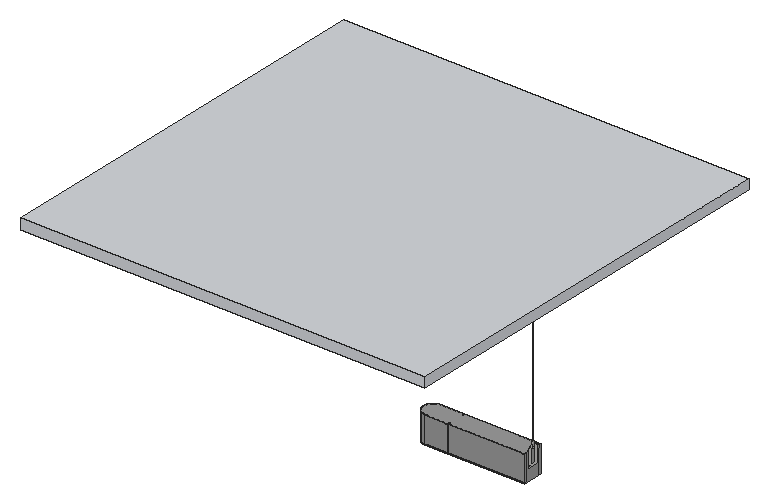
Revit family "LA2C-End Round", category Lighting Fixtures, host Face, Revit 2014
Parameters (values of type "End Round")
  Width = 0' - 6"
  Left = no
  Height From Face = 4' - 0"
  Weight = "8 lbs"
  Wattage Comments = ""
  Wattage = 19 W
  built-in parameter 1150110 = 1 (stored number, unit not read)
  Type Comments = "Stainless steel canopy mounts to\r\nstandard junction box (provided by others)"
  built-in parameter 1114217 = 1 (stored number, unit not read)
  built-in parameter 1150109 = 1 (stored number, unit not read)
  built-in parameter 1150134 = (empty or 0)
  built-in parameter 1150113 = 1 (stored number, unit not read)
  STANDARDS = "6-8 week lead time, Damp rated, UL Compliant / CSA Approved"
  Shade = 3form Varia Ecoresin
  Model = "LA2C"
  Manufacturer = "LightArt"
  built-in parameter 1150105 = 406.42 (stored number, unit not read)
  Lumens = 1276.8 lm
  built-in parameter 1150115 = 1 (stored number, unit not read)
  Light Source Symbol Size = 0' - 6"
  built-in parameter 1150137 = (empty or 0)
  built-in parameter 1150139 = (empty or 0)
  built-in parameter 1150112 = 1 (stored number, unit not read)
  built-in parameter 1150114 = 1 (stored number, unit not read)
  LIGHTING = "Solid State LED System\r\n120v-277v input; 24v driver;\r\n0-10v dimming compatible\r\n3000k 81 CRI light source\r\nS - 14w, 1050mA, 1045 lumens"
  Keynote = ""
  Input = "120v-277v"
  built-in parameter 1150132 = (empty or 0)
  built-in parameter 1150102 = (empty or 0)
  built-in parameter 1150107 = 3000 (stored number, unit not read)
  built-in parameter 1150138 = (empty or 0)
  built-in parameter 1150106 = 4.0642 (stored number, unit not read)
  Height = 0' - 8"
  Hardware = Stainless Steel Cables
  HARDWARE = "Removable powder coated lid\r\n\r\n\r\n3/64” stainless steel cables to canopy \r\n\r\nAdjustable 24”-96” suspension"
  built-in parameter 1150104 = 6.2431 (stored number, unit not read)
  Driver = "24v"
  Dimming Lamp Color Temperature Shift = <None>
  Dimming Compatibility = "0-10v"
  Description = "LED System"
  Diffuser = White Opal Acrylic
  Default Elevation [instance] = 4' - 0"
  Comments = "This model is for use in spatial massing and rendering. Please contact LightArt for pick-point placement and installation details."
  Color Filter = 16777215
  built-in parameter 1114218 = 1 (stored number, unit not read)
  built-in parameter 1150133 = 10 (stored number, unit not read)
Reference planes (in)
  plane 1 "Light Source Axis (F/B)": y = 0
  plane 2 "Ceiling": z = 0
  plane 3 "Light Source Axis (L/R)": x = 27.77748
  plane 4 "Light Source Elevation": z = -52
  plane 5: z = -56
  plane 6: z = -48
  plane 7: z = 0
  plane 8: y = 3
  plane 9: y = -3
  plane 10: x = 44.02748
  plane 11: x = 11.52748
  plane 12: x = 27.77748
Forms (in)
  Extrusion 1, solid
    sketch origin (0, 0, 0) x (1, 0, 0) y (0, 1, 0)
      loop
        line (-60, -60) -> (60, -60) -> (60, 60) -> (-60, 60) -> (-60, -60)
    from 0 to 3.07528
  Extrusion 2, solid, material "3form Varia Ecoresin" <- "Shade", detail levels coarse
    sketch origin (0, -15, -96) x (1, 0, 0) y (0, 1, 0)
      loop
        line (44.02748, 12) -> (44.02748, 18) -> (14.52748, 18)
        arc (14.52748, 18) -> (11.52748, 15) -> (14.52748, 12) r 3
        line (14.52748, 12) -> (44.02748, 12)
    from 40 to 48
  Extrusion 3, solid, material "3form Varia Ecoresin" <- "Shade", detail levels medium+fine
    sketch origin (0, -15, -96) x (1, 0, 0) y (0, 1, 0)
      loop
        line (14.52748, 12) -> (21.25311, 12) -> (21.25311, 12.47563)
        arc (21.25311, 12.47563) -> (21.27748, 12.5) -> (21.30186, 12.47563) r 0.02437
        line (21.30186, 12.47563) -> (21.30186, 12) -> (44.02748, 12) -> (44.02748, 12.5625) -> (43.96498, 12.5625) -> (43.96498, 12.06253) -> (21.36436, 12.06253) -> (21.36436, 12.47599)
        arc (21.36436, 12.47599) -> (21.27748, 12.56287) -> (21.19061, 12.47599) r 0.08687
        line (21.19061, 12.47599) -> (21.19061, 12.06253) -> (14.51516, 12.06253)
        arc (14.51516, 12.06253) -> (11.59, 15.00615) -> (14.52748, 17.93748) r 2.93749
        line (14.52748, 17.93748) -> (21.19061, 17.93748) -> (21.19061, 17.52401)
        arc (21.19061, 17.52401) -> (21.27748, 17.43713) -> (21.36436, 17.52401) r 0.08687
        line (21.36436, 17.52401) -> (21.36436, 17.93747) -> (43.96498, 17.93747) -> (43.96498, 17.43746) -> (44.02748, 17.43746) -> (44.02748, 18) -> (21.30186, 18) -> (21.30186, 17.52437)
        arc (21.30186, 17.52437) -> (21.27748, 17.5) -> (21.25311, 17.52437) r 0.02437
        line (21.25311, 17.52437) -> (21.25311, 18) -> (14.52748, 18)
        arc (14.52748, 18) -> (11.52748, 15) -> (14.52748, 12) r 3
    from 40.125 to 47.875
  Extrusion 4, solid, material "White Opal Acrylic" <- "Diffuser", detail levels medium+fine
    sketch origin (0, 0, -96) x (1, 0, 0) y (0, 1, 0)
      loop
        line (43.96498, 2.43746) -> (43.96498, -2.4375) -> (44.02748, -2.4375) -> (44.02748, 2.43746) -> (43.96498, 2.43746)
    from 40.125 to 47.875
  Extrusion 5, solid, material "White Opal Acrylic" <- "Diffuser", detail levels medium+fine
    sketch origin (-0.25, -15.00003, -100.125) x (1, 0, 0) y (0, 1, 0)
      loop
        line (14.77748, 12.00003) -> (21.50311, 12.00003) -> (21.50311, 12.47566)
        arc (21.50311, 12.47566) -> (21.52748, 12.50003) -> (21.55186, 12.47566) r 0.02437
        line (21.55186, 12.47566) -> (21.55186, 12.00003) -> (44.27748, 12.00003) -> (44.27748, 18.00003) -> (21.55186, 18.00003) -> (21.55186, 17.5244)
        arc (21.55186, 17.5244) -> (21.52748, 17.50002) -> (21.50311, 17.5244) r 0.02437
        line (21.50311, 17.5244) -> (21.50311, 18.00003) -> (14.77748, 18.00003)
        arc (14.77748, 18.00003) -> (11.77748, 15.00003) -> (14.77748, 12.00003) r 3
    from 52 to 52.125
  Extrusion 6, solid, material "White Opal Acrylic" <- "Diffuser", detail levels medium+fine
    sketch origin (-0.25, -15.00003, -108) x (1, 0, 0) y (0, 1, 0)
      loop
        line (14.77748, 12.00003) -> (21.50311, 12.00003) -> (21.50311, 12.47566)
        arc (21.50311, 12.47566) -> (21.52748, 12.50003) -> (21.55186, 12.47566) r 0.02437
        line (21.55186, 12.47566) -> (21.55186, 12.00003) -> (44.27748, 12.00003) -> (44.27748, 18.00003) -> (21.55186, 18.00003) -> (21.55186, 17.5244)
        arc (21.55186, 17.5244) -> (21.52748, 17.50002) -> (21.50311, 17.5244) r 0.02437
        line (21.50311, 17.5244) -> (21.50311, 18.00003) -> (14.77748, 18.00003)
        arc (14.77748, 18.00003) -> (11.77748, 15.00003) -> (14.77748, 12.00003) r 3
    from 52 to 52.125
Cuts and joins
  joined: Extrusion 4, Extrusion 5, Extrusion 6
Lines and regions (in)
  symbolic lines
    curve 1: line (14.52748, 3, -96) -> (44.02748, 3, -96)
    curve 2: line (44.02748, -3, -96) -> (14.52748, -3, -96)
    curve 3: line (44.02748, 3, -96) -> (44.02748, -3, -96)
    curve 4: arc (14.52748, 3, -96) -> (11.52748, 0, -96) -> (14.52748, -3, -96) r 3
  symbolic lines, not visible
    curve 5: line (23.52748, 3, -96) -> (32.02748, 3, -96)
Dimensions and locks (in)
  "Height": plane 6 to plane 5
  equal spacing: plane 6, plane 4 "Light Source Elevation", plane 5
  "Height From Face": plane 2 "Ceiling" to plane 6
  equal spacing: plane 9, plane 1 "Light Source Axis (F/B)", plane 8
  "Width": plane 9 to plane 8
  plane 11 to plane 10 = 2' - 8 1/2"
  plane 6 to imposter light = 0' - 4"
  locked: cut or joined group of Extrusion 4, Extrusion 5, Extrusion 6 to plane 6 at 0.125
  locked: plane 5 to cut or joined group of Extrusion 4, Extrusion 5, Extrusion 6 at 0.125
  aligned and locked: imposter light to plane 4 "Light Source Elevation"
  aligned and locked: Extrusion 2 sketch curve to plane 8
  aligned and locked: Extrusion 2 sketch curve to plane 10
  aligned and locked: Extrusion 2 sketch curve to plane 9
  aligned and locked: plane 10 to Extrusion 3 sketch curve  (x2)
  aligned and locked: Extrusion 3 sketch curve to plane 8
  aligned and locked: Extrusion 3 sketch curve to plane 9
  aligned and locked: plane 6 to Extrusion 2
  aligned and locked: Extrusion 2 to plane 5
  aligned and locked: nested 1 to plane 6
  aligned and locked: plane 6 to Extrusion 5
  aligned and locked: Extrusion 6 to plane 5
  aligned and locked: plane 12 to imposter light
  aligned and locked: plane 2 "Ceiling" to Extrusion 1
  aligned and locked: Extrusion 3 to Extrusion 5
  aligned and locked: Extrusion 3 to Extrusion 6
  aligned and locked: Extrusion 3 to Extrusion 4  (x2)
Automatic sketch dimensions
  Extrusion 1 sketch curve to Extrusion 1 sketch curve = 10' - 0"  (x2)
  Extrusion 4 sketch curve to plane 10 = 0' - 0"
  Extrusion 4 sketch curve to Extrusion 4 sketch curve = 0' - 0 1/16"
  plane 9 to Extrusion 4 sketch curve = 0' - 0 9/16"
  plane 8 to Extrusion 4 sketch curve = 0' - 0.56254"
  Extrusion 6 sketch curve to plane 9 = 0' - 0"  (x2)
  plane 8 to Extrusion 6 sketch curve = 0' - 0"  (x2)
  Extrusion 6 sketch curve to plane 10 = 0' - 0"
  Extrusion 6 sketch curve to plane 12 = 0' - 6.47563"
  plane 8 to curve 1 = 0' - 0"
  curve 3 to plane 10 = 0' - 0"
  Extrusion 5 sketch curve to plane 9 = 0' - 0"  (x2)
  plane 8 to Extrusion 5 sketch curve = 0' - 0"  (x2)
  Extrusion 5 sketch curve to plane 10 = 0' - 0"
  Extrusion 5 sketch curve to plane 3 "Light Source Axis (L/R)" = 0' - 6.47563"
  Extrusion 5 sketch curve to Extrusion 5 sketch curve = 0' - 0.02437"  (x2)
  Extrusion 5 sketch curve to Extrusion 5 sketch curve = 0' - 0.47563"
  plane 8 to Extrusion 5 sketch curve = 0' - 0.47563"
  Extrusion 6 sketch curve to Extrusion 6 sketch curve = 0' - 0.02437"  (x2)
  Extrusion 6 sketch curve to plane 3 "Light Source Axis (L/R)" = 0' - 6.52437"
  Extrusion 6 sketch curve to Extrusion 6 sketch curve = 0' - 0.47563"  (x2)
  plane 8 to curve 5 = 0' - 0"
  curve 5 to plane 3 "Light Source Axis (L/R)" = 0' - 4 1/4"
  plane 3 "Light Source Axis (L/R)" to curve 5 = 0' - 4 1/4"
  plane 11 to curve 4 = 0' - 3"
  plane 11 to Extrusion 2 sketch curve = 0' - 3"
  plane 11 to Extrusion 5 sketch curve = 0' - 3"
  plane 11 to Extrusion 6 sketch curve = 0' - 3"
  plane 8 to Extrusion 3 sketch curve = 0' - 0"
  Extrusion 3 sketch curve to plane 9 = 0' - 0"
  plane 9 to Extrusion 3 sketch curve = 0' - 0.06253"  (x2)
  plane 11 to Extrusion 3 sketch curve = 0' - 2.98768"
  plane 1 "Light Source Axis (F/B)" to Extrusion 3 sketch curve = 0' - 0"
  Extrusion 3 sketch curve to Extrusion 3 sketch curve = 0' - 0.01232"  (x2)
  Extrusion 3 sketch curve to plane 3 "Light Source Axis (L/R)" = 0' - 6.58687"  (x2)
  Extrusion 3 sketch curve to Extrusion 3 sketch curve = 0' - 0 1/16"  (x3)
  Extrusion 3 sketch curve to Extrusion 3 sketch curve = 0' - 0.02437"  (x2)
  Extrusion 3 sketch curve to Extrusion 3 sketch curve = 0' - 0"  (x2)
  plane 10 to Extrusion 3 sketch curve = 0' - 0 1/16"
  Extrusion 3 sketch curve to Extrusion 3 sketch curve = 0' - 0.4131"
  Extrusion 3 sketch curve to Extrusion 3 sketch curve = 0' - 0.00036"  (x2)
  Extrusion 3 sketch curve to Extrusion 3 sketch curve = 0' - 0.49997"
  Extrusion 3 sketch curve to Extrusion 3 sketch curve = 0' - 0.56254"
  Extrusion 3 sketch curve to Extrusion 3 sketch curve = 0' - 0.41348"
  plane 8 to Extrusion 3 sketch curve = 0' - 0.06253"
  Extrusion 5 sketch curve to plane 3 "Light Source Axis (L/R)" = 0' - 6.52437"
  curve 2 to plane 9 = 0' - 0"
Nested families (in)
  nested 1: "Steel Cable" at (44.02748, -0.00825, -52.43947) x (0, 1, 0) z (0, 0, 1), type "Steel Cable"
Definition of nested family "Steel Cable"
  Parameters (values of type "Steel Cable")
    Material = Stainless Steel Cables
    Height = 4' - 0"
  Reference planes (in)
    plane 1 "Center (Front/Back)": y = 0
    plane 2: z = 0
    plane 3 "Center (Left/Right)": x = 0
    plane 4: z = 52.43947
    plane 5: z = 4.43947
  Forms (in)
    Extrusion 1, solid, material "Stainless Steel Cables" <- "Material"
      sketch origin (0, 0.06249, 0) x (1, 0, 0) y (0, 0, 1)
        loop
          line (1.57721, 0.38519) -> (1.57724, 4.43947)
          arc (1.57724, 4.43947) -> (0.00944, 5.56119) -> (-1.55836, 4.43947) r 1.6565
          line (-1.55836, 4.43947) -> (-1.55836, 0.38522)
          arc (-1.55836, 0.38522) -> (-1.44553, 0.11283) -> (-1.17314, 0) r 0.38522
          line (-1.17314, 0) -> (1.22175, 0)
          arc (1.22175, 0) -> (1.48393, 0.11467) -> (1.57721, 0.38519) r 0.3563
        loop
          line (0.77208, 1.06174) -> (0.77208, 4.56174)
          arc (0.77208, 4.56174) -> (0.01304, 5.07935) -> (-0.74601, 4.56174) r 0.81536
          line (-0.74601, 4.56174) -> (-0.74601, 1.06174)
          arc (-0.74601, 1.06174) -> (-0.6556, 0.74869) -> (-0.3594, 0.61289) r 0.39093
          line (-0.3594, 0.61289) -> (0.38558, 0.61289)
          arc (0.38558, 0.61289) -> (0.68174, 0.7487) -> (0.77208, 1.06174) r 0.39083
        loop
          circle (1.14945, 2.9859) r 0.08234
        loop
          circle (-1.13782, 2.9859) r 0.08234
        loop
          circle (1.14945, 0.37768) r 0.08234
        loop
          circle (-1.13782, 0.37768) r 0.08234
      from 0 to 0.125
    Revolve 2, solid, material "Stainless Steel Cables" <- "Material"
      sketch origin (0, 0.00119, 0) x (1, 0, 0) y (0, 0, 1)
        loop
          line (0, 6.85243) -> (0, 5.09501) -> (0.15937, 5.09501) -> (0.15937, 6.61585) -> (0.08845, 6.61585) -> (0.08845, 6.85243) -> (0, 6.85243)
        axis (0, 6.85243) -> (0, 5.09501)
      angle from 0 to 360
    Extrusion 3, solid, material "Stainless Steel Cables" <- "Material"
      sketch origin (0, 0.06249, 0) x (1, 0, 0) y (0, 1, 0)
        loop
          circle (0, -0.06153) r 0.04688
      from 6.85243 to 52.43947
  Dimensions and locks (in)
    "Height": plane 4 to plane 5
    locked: level to plane 5 at 4.43947
    aligned and locked: plane 2 to level
    aligned and locked: Extrusion 3 to Revolve 2
    aligned and locked: Extrusion 3 to plane 4
  Automatic sketch dimensions
    Extrusion 1 sketch curve to level = 0' - 0"
    Extrusion 1 sketch curve to plane 3 "Center (Left/Right)" = 0' - 1.55836"
    Extrusion 1 sketch curve to Extrusion 1 sketch curve = 0' - 0.38522"
    Extrusion 1 sketch curve to plane 3 "Center (Left/Right)" = 0' - 1.13782"
    Extrusion 1 sketch curve to Extrusion 1 sketch curve = 0' - 0.03532"
    Extrusion 1 sketch curve to plane 3 "Center (Left/Right)" = 0' - 0.74601"
    Extrusion 1 sketch curve to plane 3 "Center (Left/Right)" = 0' - 0.3594"
    plane 3 "Center (Left/Right)" to Extrusion 1 sketch curve = 0' - 0.00944"
    plane 3 "Center (Left/Right)" to Extrusion 1 sketch curve = 0' - 0.01304"
    plane 3 "Center (Left/Right)" to Extrusion 1 sketch curve = 0' - 0.38558"
    Extrusion 1 sketch curve to Extrusion 1 sketch curve = 0' - 0.3865"
    level to Extrusion 1 sketch curve = 0' - 0.37768"
    Extrusion 1 sketch curve to Extrusion 1 sketch curve = 0' - 0.37736"
    plane 3 "Center (Left/Right)" to Extrusion 1 sketch curve = 0' - 1.14945"
    Extrusion 1 sketch curve to Extrusion 1 sketch curve = 0' - 0.07231"
    Extrusion 1 sketch curve to Extrusion 1 sketch curve = 0' - 0.07264"
    level to Extrusion 1 sketch curve = 0' - 0.38519"
    Extrusion 1 sketch curve to Extrusion 1 sketch curve = 0' - 0.35512"
    Extrusion 1 sketch curve to Extrusion 1 sketch curve = 0' - 0.80516"
    Extrusion 1 sketch curve to Extrusion 1 sketch curve = 0' - 0.00753"
    level to Extrusion 1 sketch curve = 0' - 0.61289"
    Extrusion 1 sketch curve to Extrusion 1 sketch curve = 0' - 0.39083"
    Extrusion 1 sketch curve to Extrusion 1 sketch curve = 0' - 0.39093"
    Extrusion 1 sketch curve to Extrusion 1 sketch curve = 0' - 1.92416"  (x2)
    Extrusion 1 sketch curve to Extrusion 1 sketch curve = 0' - 0.91878"
    Extrusion 1 sketch curve to Extrusion 1 sketch curve = 0' - 0.35931"
    Extrusion 1 sketch curve to Extrusion 1 sketch curve = 0' - 1.45357"
    Extrusion 1 sketch curve to Extrusion 1 sketch curve = 0' - 0.29774"
    Revolve 2 sketch curve to plane 3 "Center (Left/Right)" = 0' - 0"  (x2)
    plane 3 "Center (Left/Right)" to Revolve 2 sketch curve = 0' - 0.08845"
    plane 3 "Center (Left/Right)" to Revolve 2 sketch curve = 0' - 0.15937"
    level to Revolve 2 sketch curve = 0' - 5.09501"
    Revolve 2 sketch curve to Revolve 2 sketch curve = 0' - 1.52084"
    Revolve 2 sketch curve to Revolve 2 sketch curve = 0' - 0.23658"
    Revolve 2 sketch curve to Revolve 2 sketch curve = 0' - 0.45184"
    Revolve 2 sketch curve to Revolve 2 sketch curve = 0' - 0.0858"
    Extrusion 3 sketch curve to plane 3 "Center (Left/Right)" = 0' - 0"
    Extrusion 3 sketch curve to plane 1 "Center (Front/Back)" = 0' - 0.00096"
    radius of Extrusion 1 sketch curve = 0' - 0.08234"  (x4)
    radius of Extrusion 3 sketch curve = 0' - 0 3/64"
